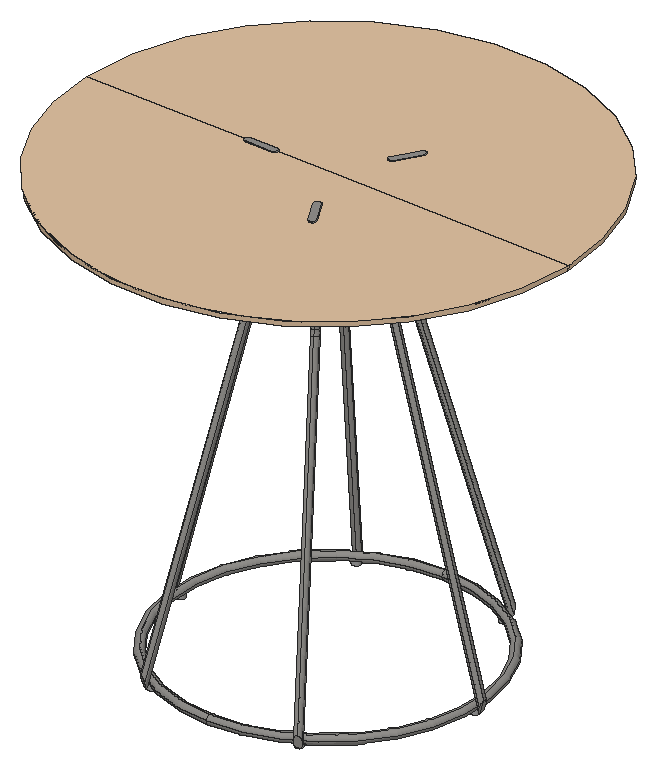
Revit family "Fu_Table_Sandler_Arc 80", category Furniture, Revit 2020
Family settings
  OmniClass Number = 23.40.20.00
  OmniClass Title = General Furniture and Specialties
  Work Plane-Based = No
  Always vertical = Yes
  Cut with Voids When Loaded = No
  Shared = No
  Room Calculation Point = No
Parameters (values of type "Arc 80")
  Width = 800 mm
  URL = "https://www.sandlerseating.com/product/arc-80/"
  Top [instance] = Wood - Oak - Natural - V
  Model = "Arc 80"
  Manufacturer = "Sandler"
  Height = 720 mm
  Frame [instance] = Lacquer - W2 - Rust Grey
  Description = "Round table with steel base and wood top in oak, walnut or lacquered finish. Top size 80 cm/32″ diameter, base spread 50 cm/20″ diameter."
  Depth = 800 mm
  Default Elevation = 0 mm
Reference planes
  plane 1 "Center (Front/Back)": y = 0
  plane 2: z = 0
  plane 3 "Center (Left/Right)": x = 0
  plane 4 "Right": x = -400
  plane 5 "Left": x = 400
  plane 6 "Back": y = 400
  plane 7 "Front": y = -400
  plane 8 "Height": z = 720
  plane 9 "Top Base": z = 696.838
  plane 10 "Base C FRONT": z = 13
Forms (mm)
  Revolve 1, solid, material "Wood - Oak - Natural - V" <- "Top"
    sketch origin (0, 0, 0) x (1, 0, 0) y (0, 0, 1)
      loop
        line (0, 720) -> (-400, 720) -> (-398.502, 711.622) -> (-376.346, 702.782) -> (-337.895, 696.838) -> (0, 696.838) -> (0, 720)
      axis (0, 720) -> (0, 696.838)
    angle from 0 to 360
  Extrusion 2, solid, material "Lacquer - W2 - Rust Grey" <- "Frame"
    sketch origin (0, 0, 696.838) x (-1, 0, 0) y (0, -1, 0)
      loop
        circle (0, 0) r 120
    from -6 to 0
  Extrusion 3, solid, material "Lacquer - W2 - Rust Grey" <- "Frame"
    sketch origin (0, 0, 696.838) x (-1, 0, 0) y (0, -1, 0)
      loop
        arc (132.178, -5.507) -> (137.685, 0) -> (132.178, 5.507) r 5.507
        line (132.178, 5.507) -> (89.123, 5.507)
        arc (89.123, 5.507) -> (83.616, 0) -> (89.123, -5.507) r 5.507
        line (89.123, -5.507) -> (132.178, -5.507)
    from 0 to 23.5
  Extrusion 4, solid, material "Lacquer - W2 - Rust Grey" <- "Frame"
    sketch origin (0, 0, 696.838) x (0.5, -0.866025, 0) y (0.866025, 0.5, 0)
      loop
        arc (132.178, -5.507) -> (137.685, 0) -> (132.178, 5.507) r 5.507
        line (132.178, 5.507) -> (89.123, 5.507)
        arc (89.123, 5.507) -> (83.616, 0) -> (89.123, -5.507) r 5.507
        line (89.123, -5.507) -> (132.178, -5.507)
    from 0 to 24
  Extrusion 5, solid, material "Lacquer - W2 - Rust Grey" <- "Frame"
    sketch origin (0, 0, 696.838) x (0.5, 0.866025, 0) y (-0.866025, 0.5, 0)
      loop
        arc (132.178, -5.507) -> (137.685, 0) -> (132.178, 5.507) r 5.507
        line (132.178, 5.507) -> (89.123, 5.507)
        arc (89.123, 5.507) -> (83.616, 0) -> (89.123, -5.507) r 5.507
        line (89.123, -5.507) -> (132.178, -5.507)
    from 0 to 23.5
  Sweep 6, solid, material "Lacquer - W2 - Rust Grey" <- "Frame"
    path origin (0, 0, 13) x (0, -1, 0) y (1, 0, 0)
      loop
        circle (0, 0) r 244.802
    profile "Pro_Circles : 14mm" origin (-244.802, 0, 13) x (-1, 0, 0) y (0, 0, 1)
      loop
        arc (-6.967, -1.933) -> (-4.994, -6.899) -> (-0.067, -8.967) r 6.901
        arc (-0.067, -8.967) -> (4.947, -6.947) -> (6.967, -1.933) r 6.902
        arc (6.967, -1.933) -> (4.899, 2.993) -> (-0.067, 4.967) r 6.901
        arc (-0.067, 4.967) -> (-4.946, 2.946) -> (-6.967, -1.933) r 6.9
  Sweep 7, solid, material "Lacquer - W2 - Rust Grey" <- "Frame"
    path origin (0, 0, 0) x (1, 0, 0) y (0, 0, 1)
      loop
        line (260.208, 0) -> (111.148, 537.607)
        arc (111.148, 537.607) -> (110.011, 543.132) -> (109.63, 548.76) r 41.743
        line (109.63, 548.76) -> (109.63, 693.76)
    profile "Pro_Circles : 12mm" origin (185.678, 0, 268.803) x (-0.963645, 0, -0.267186) y (0, -1, 0)
      loop
        arc (-5.967, 0.067) -> (-4.287, -4.192) -> (-0.067, -5.967) r 5.901
        arc (-0.067, -5.967) -> (4.24, -4.24) -> (5.967, 0.067) r 5.902
        arc (5.967, 0.067) -> (4.192, 4.286) -> (-0.067, 5.967) r 5.901
        arc (-0.067, 5.967) -> (-4.238, 4.238) -> (-5.967, 0.067) r 5.9
  Revolve 8, void
    sketch origin (0, 0, 0) x (1, 0, 0) y (0, 0, 1)
      loop
        line (260.156, 24.503) -> (254.541, 3.484) -> (252.558, 3.484) -> (252.558, -9.938) -> (268.678, -9.938) -> (268.678, 5.339) -> (260.156, 24.503)
      axis (0, 24.503) -> (0, -9.938)
    angle from 0 to 360
  Sweep 9, solid, material "Lacquer - W2 - Rust Grey" <- "Frame"
    path origin (0, 0, 0) x (-1, 0, 0) y (0, 0, 1)
      loop
        line (260.208, 0) -> (111.148, 537.607)
        arc (111.148, 537.607) -> (110.011, 543.132) -> (109.63, 548.76) r 41.743
        line (109.63, 548.76) -> (109.63, 693.76)
    profile "Pro_Circles : 12mm" origin (-185.678, 0, 268.803) x (-0.963645, 0, 0.267186) y (0, -1, 0)
      loop
        arc (5.967, 0.067) -> (4.238, 4.238) -> (0.067, 5.967) r 5.9
        arc (0.067, 5.967) -> (-4.192, 4.286) -> (-5.967, 0.067) r 5.901
        arc (-5.967, 0.067) -> (-4.24, -4.24) -> (0.067, -5.967) r 5.902
        arc (0.067, -5.967) -> (4.287, -4.192) -> (5.967, 0.067) r 5.901
  Sweep 10, solid, material "Lacquer - W2 - Rust Grey" <- "Frame"
    path origin (0, 0, 0) x (0.5, 0.866025, 0) y (0, 0, 1)
      loop
        line (260.208, 0) -> (111.148, 537.607)
        arc (111.148, 537.607) -> (110.011, 543.132) -> (109.63, 548.76) r 41.743
        line (109.63, 548.76) -> (109.63, 693.76)
    profile "Pro_Circles : 12mm" origin (92.839, 160.802, 268.803) x (-0.481822, -0.834541, -0.267186) y (0.866025, -0.5, 0)
      loop
        arc (-5.967, 0.067) -> (-4.287, -4.192) -> (-0.067, -5.967) r 5.901
        arc (-0.067, -5.967) -> (4.24, -4.24) -> (5.967, 0.067) r 5.902
        arc (5.967, 0.067) -> (4.192, 4.286) -> (-0.067, 5.967) r 5.901
        arc (-0.067, 5.967) -> (-4.238, 4.238) -> (-5.967, 0.067) r 5.9
  Sweep 11, solid, material "Lacquer - W2 - Rust Grey" <- "Frame"
    path origin (0, 0, 0) x (-0.5, -0.866025, 0) y (0, 0, -1)
      loop
        line (260.208, 0) -> (111.148, -537.607)
        arc (111.148, -537.607) -> (110.011, -543.132) -> (109.63, -548.76) r 41.743
        line (109.63, -548.76) -> (109.63, -693.76)
    profile "Pro_Circles : 12mm" origin (-92.839, -160.802, 268.803) x (-0.481822, -0.834541, 0.267186) y (0.866025, -0.5, 0)
      loop
        arc (5.967, 0.067) -> (4.238, 4.238) -> (0.067, 5.967) r 5.9
        arc (0.067, 5.967) -> (-4.192, 4.286) -> (-5.967, 0.067) r 5.901
        arc (-5.967, 0.067) -> (-4.24, -4.24) -> (0.067, -5.967) r 5.902
        arc (0.067, -5.967) -> (4.287, -4.192) -> (5.967, 0.067) r 5.901
  Extrusion 12, solid, material "Lacquer - W2 - Rust Grey" <- "Frame"
    sketch origin (-0.012, -0.01, 696.838) x (0.5, -0.866025, 0) y (0.866025, 0.5, 0)
      loop
        arc (132.178, -5.507) -> (137.685, 0) -> (132.178, 5.507) r 5.507
        line (132.178, 5.507) -> (89.123, 5.507)
        arc (89.123, 5.507) -> (83.616, 0) -> (89.123, -5.507) r 5.507
        line (89.123, -5.507) -> (132.178, -5.507)
    from 0 to 23.5
  Sweep 13, solid, material "Lacquer - W2 - Rust Grey" <- "Frame"
    path origin (-0.012, -0.01, 0) x (-0.5, 0.866025, 0) y (0, 0, 1)
      loop
        line (260.208, 0) -> (111.148, 537.607)
        arc (111.148, 537.607) -> (110.011, 543.132) -> (109.63, 548.76) r 41.743
        line (109.63, 548.76) -> (109.63, 693.76)
    profile "Pro_Circles : 12mm" origin (-92.85, 160.791, 268.803) x (0.481822, -0.834541, -0.267186) y (0.866025, 0.5, 0)
      loop
        arc (-5.967, 0.067) -> (-4.287, -4.192) -> (-0.067, -5.967) r 5.901
        arc (-0.067, -5.967) -> (4.24, -4.24) -> (5.967, 0.067) r 5.902
        arc (5.967, 0.067) -> (4.192, 4.286) -> (-0.067, 5.967) r 5.901
        arc (-0.067, 5.967) -> (-4.238, 4.238) -> (-5.967, 0.067) r 5.9
  Sweep 14, solid, material "Lacquer - W2 - Rust Grey" <- "Frame"
    path origin (-0.012, -0.01, 0) x (0.5, -0.866025, 0) y (0, 0, -1)
      loop
        line (260.208, 0) -> (111.148, -537.607)
        arc (111.148, -537.607) -> (110.011, -543.132) -> (109.63, -548.76) r 41.743
        line (109.63, -548.76) -> (109.63, -693.76)
    profile "Pro_Circles : 12mm" origin (92.827, -160.812, 268.803) x (0.481822, -0.834541, 0.267186) y (0.866025, 0.5, 0)
      loop
        arc (5.967, 0.067) -> (4.238, 4.238) -> (0.067, 5.967) r 5.9
        arc (0.067, 5.967) -> (-4.192, 4.286) -> (-5.967, 0.067) r 5.901
        arc (-5.967, 0.067) -> (-4.24, -4.24) -> (0.067, -5.967) r 5.902
        arc (0.067, -5.967) -> (4.287, -4.192) -> (5.967, 0.067) r 5.901
  Extrusion 15, solid, material "Rubber, Black"
    sketch origin (0, 0, 0) x (0.866025, 0.5, 0) y (-0.5, 0.866025, 0)
      loop
        circle (0, -244.735) r 6.5
    from 0 to 8
  Extrusion 16, solid, material "Rubber, Black"
    sketch origin (0, 0, 0) x (0.866025, 0.5, 0) y (-0.5, 0.866025, 0)
      loop
        circle (0, 244.735) r 6.5
    from 0 to 8
  Extrusion 17, solid, material "Rubber, Black"
    sketch origin (0, 0, 0) x (0, 1, 0) y (-1, 0, 0)
      loop
        circle (0, -244.735) r 6.5
    from 0 to 8
  Extrusion 18, solid, material "Rubber, Black"
    sketch origin (0, 0, 0) x (0, 1, 0) y (-1, 0, 0)
      loop
        circle (0, 244.735) r 6.5
    from 0 to 8
  Extrusion 19, solid, material "Rubber, Black"
    sketch origin (0, 0, 0) x (-0.866025, 0.5, 0) y (-0.5, -0.866025, 0)
      loop
        circle (0, -244.735) r 6.5
    from 0 to 8
  Extrusion 20, solid, material "Rubber, Black"
    sketch origin (0, 0, 0) x (-0.866025, 0.5, 0) y (-0.5, -0.866025, 0)
      loop
        circle (0, 244.735) r 6.5
    from 0 to 8
Cuts and joins
  Revolve 8 cuts Sweep 7
  Revolve 8 cuts Sweep 9
  Revolve 8 cuts Sweep 14
  Revolve 8 cuts Sweep 11
  Revolve 8 cuts Sweep 10
  Revolve 8 cuts Sweep 13
Dimensions and locks
  equal spacing: plane 4 "Right", plane 3 "Center (Left/Right)", plane 5 "Left"
  "Width": plane 4 "Right" to plane 5 "Left"
  equal spacing: plane 6 "Back", plane 1 "Center (Front/Back)", plane 7 "Front"
  "Depth": plane 6 "Back" to plane 7 "Front"
  "Height": plane 8 "Height" to level
  plane 8 "Height" to plane 9 "Top Base" = 23.162 mm
  aligned and locked: level to plane 2
Automatic sketch dimensions
  plane 4 "Right" to Revolve 1 sketch curve = 0 mm
  Revolve 1 sketch curve to plane 9 "Top Base" = 0 mm
  Revolve 1 sketch curve to plane 3 "Center (Left/Right)" = 0 mm  (x2)
  Revolve 1 sketch curve to plane 8 "Height" = 0 mm
  Revolve 1 sketch curve to plane 4 "Right" = 1.498 mm
  plane 9 "Top Base" to Revolve 1 sketch curve = 5.944 mm
  Revolve 1 sketch curve to plane 4 "Right" = 23.654 mm
  Revolve 1 sketch curve to Revolve 1 sketch curve = 38.451 mm
  Revolve 1 sketch curve to plane 8 "Height" = 8.378 mm
  Revolve 1 sketch curve to plane 9 "Top Base" = 31.838 mm
  Revolve 1 sketch curve to Revolve 1 sketch curve = 65 mm
  plane 1 "Center (Front/Back)" to Extrusion 2 sketch curve = 0 mm
  Extrusion 2 sketch curve to plane 3 "Center (Left/Right)" = 0 mm
  plane 1 "Center (Front/Back)" to Extrusion 3 sketch curve = 0 mm
  Extrusion 3 sketch curve to plane 1 "Center (Front/Back)" = 5.507 mm
  Extrusion 3 sketch curve to plane 3 "Center (Left/Right)" = 89.123 mm
  Extrusion 3 sketch curve to Extrusion 3 sketch curve = 43.055 mm
  plane 3 "Center (Left/Right)" to Extrusion 4 sketch curve = 39.792 mm
  plane 1 "Center (Front/Back)" to Extrusion 4 sketch curve = 79.936 mm
  Extrusion 4 sketch curve to Extrusion 4 sketch curve = 43.055 mm
  Extrusion 4 sketch curve to Extrusion 4 sketch curve = 5.507 mm
  plane 3 "Center (Left/Right)" to Extrusion 5 sketch curve = 49.331 mm
  Extrusion 5 sketch curve to plane 1 "Center (Front/Back)" = 74.429 mm
  Extrusion 5 sketch curve to Extrusion 5 sketch curve = 43.055 mm
  Extrusion 5 sketch curve to Extrusion 5 sketch curve = 5.507 mm
  plane 1 "Center (Front/Back)" to Sweep 6 sketch curve = 0 mm
  Sweep 6 sketch curve to plane 3 "Center (Left/Right)" = 0 mm
  Sweep 7 sketch curve to level = 0 mm
  plane 3 "Center (Left/Right)" to Sweep 7 sketch curve = 109.63 mm
  Sweep 7 sketch curve to Sweep 7 sketch curve = 1.518 mm
  Sweep 7 sketch curve to Sweep 7 sketch curve = 41.743 mm
  Sweep 7 sketch curve to plane 9 "Top Base" = 159.231 mm
  plane 5 "Left" to Sweep 7 sketch curve = 139.792 mm
  Sweep 7 sketch curve to plane 9 "Top Base" = 3.078 mm
  Revolve 8 sketch curve to plane 3 "Center (Left/Right)" = 0 mm
  Revolve 8 sketch curve to level = 9.938 mm
  plane 5 "Left" to Revolve 8 sketch curve = 147.442 mm
  level to Revolve 8 sketch curve = 3.484 mm
  Revolve 8 sketch curve to Revolve 8 sketch curve = 1.983 mm
  Revolve 8 sketch curve to plane 10 "Base C FRONT" = 11.503 mm
  Revolve 8 sketch curve to Revolve 8 sketch curve = 5.615 mm
  Revolve 8 sketch curve to Revolve 8 sketch curve = 16.12 mm
  level to Revolve 8 sketch curve = 5.339 mm
  Revolve 8 sketch curve to level = 48.845 mm
  Revolve 8 sketch curve to plane 10 "Base C FRONT" = 114.155 mm
  Sweep 9 sketch curve to level = 0 mm
  plane 3 "Center (Left/Right)" to Sweep 9 sketch curve = 109.63 mm
  Sweep 9 sketch curve to Sweep 9 sketch curve = 1.518 mm
  Sweep 9 sketch curve to Sweep 9 sketch curve = 41.743 mm
  plane 9 "Top Base" to Sweep 9 sketch curve = 159.231 mm
  plane 4 "Right" to Sweep 9 sketch curve = 139.792 mm
  plane 9 "Top Base" to Sweep 9 sketch curve = 3.078 mm
  Sweep 10 sketch curve to level = 0 mm
  Sweep 10 sketch curve to plane 9 "Top Base" = 148.078 mm
  Sweep 10 sketch curve to plane 9 "Top Base" = 159.231 mm
  Sweep 10 sketch curve to Sweep 10 sketch curve = 1.518 mm
  Sweep 10 sketch curve to Sweep 10 sketch curve = 149.06 mm
  Sweep 10 sketch curve to plane 9 "Top Base" = 3.078 mm
  Sweep 11 sketch curve to level = 0 mm
  Sweep 11 sketch curve to plane 9 "Top Base" = 148.078 mm
  Sweep 11 sketch curve to plane 9 "Top Base" = 159.231 mm
  Sweep 11 sketch curve to Sweep 11 sketch curve = 1.518 mm
  Sweep 11 sketch curve to Sweep 11 sketch curve = 149.06 mm
  Sweep 11 sketch curve to plane 9 "Top Base" = 3.078 mm
  plane 3 "Center (Left/Right)" to Extrusion 12 sketch curve = 39.781 mm
  plane 1 "Center (Front/Back)" to Extrusion 12 sketch curve = 79.947 mm
  Extrusion 12 sketch curve to Extrusion 12 sketch curve = 43.055 mm
  Extrusion 12 sketch curve to Extrusion 12 sketch curve = 5.507 mm
  level to Sweep 13 sketch curve = 0 mm
  Sweep 13 sketch curve to plane 9 "Top Base" = 148.078 mm
  Sweep 13 sketch curve to plane 9 "Top Base" = 159.231 mm
  Sweep 13 sketch curve to Sweep 13 sketch curve = 1.518 mm
  Sweep 13 sketch curve to Sweep 13 sketch curve = 149.06 mm
  Sweep 13 sketch curve to plane 9 "Top Base" = 3.078 mm
  level to Sweep 14 sketch curve = 0 mm
  Sweep 14 sketch curve to plane 9 "Top Base" = 148.078 mm
  Sweep 14 sketch curve to plane 9 "Top Base" = 159.231 mm
  Sweep 14 sketch curve to Sweep 14 sketch curve = 1.518 mm
  Sweep 14 sketch curve to Sweep 14 sketch curve = 149.06 mm
  Sweep 14 sketch curve to plane 9 "Top Base" = 3.078 mm
  plane 3 "Center (Left/Right)" to Extrusion 15 sketch curve = 122.368 mm
  plane 7 "Front" to Extrusion 15 sketch curve = 188.053 mm
  plane 3 "Center (Left/Right)" to Extrusion 16 sketch curve = 122.368 mm
  plane 6 "Back" to Extrusion 16 sketch curve = 188.053 mm
  plane 1 "Center (Front/Back)" to Extrusion 17 sketch curve = 0 mm
  plane 5 "Left" to Extrusion 17 sketch curve = 155.265 mm
  plane 1 "Center (Front/Back)" to Extrusion 18 sketch curve = 0 mm
  Extrusion 18 sketch curve to plane 4 "Right" = 155.265 mm
  plane 3 "Center (Left/Right)" to Extrusion 19 sketch curve = 122.368 mm
  Extrusion 19 sketch curve to plane 6 "Back" = 188.053 mm
  Extrusion 20 sketch curve to plane 3 "Center (Left/Right)" = 122.368 mm
  plane 7 "Front" to Extrusion 20 sketch curve = 188.053 mm
  radius of Extrusion 2 sketch curve = 120 mm
  radius of Sweep 6 sketch curve = 244.802 mm
  radius of Extrusion 15 sketch curve = 6.5 mm
  radius of Extrusion 16 sketch curve = 6.5 mm
  radius of Extrusion 17 sketch curve = 6.5 mm
  radius of Extrusion 18 sketch curve = 6.5 mm
  radius of Extrusion 19 sketch curve = 6.5 mm
  radius of Extrusion 20 sketch curve = 6.5 mm
